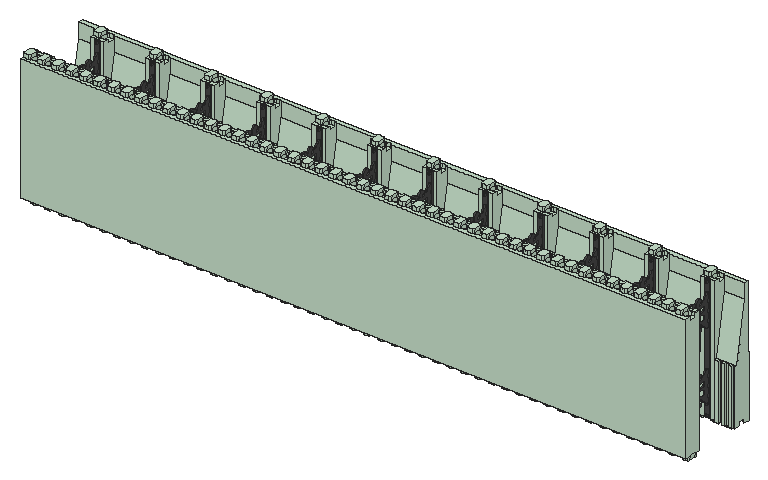
Revit family (continued)
Forms (mm)
  Extrusion 54, void
    sketch origin (1574.8, 0.019, 0) x (-1, 0, 0) y (0, -1, 0)
      loop
        arc (29.796, -130.453) -> (38.1, -131.763) -> (46.404, -130.453) r 26.987
        arc (46.404, -130.453) -> (49.585, -128.147) -> (50.8, -124.411) r 6.35
        line (50.8, -124.411) -> (50.8, -101.014)
        arc (50.8, -101.014) -> (50.362, -98.696) -> (49.108, -96.698) r 6.35
        arc (49.108, -96.698) -> (48.795, -96.199) -> (48.685, -95.62) r 1.588
        line (48.685, -95.62) -> (48.685, -86.829) -> (44.346, -86.829) -> (44.346, -92.457)
        arc (44.346, -92.457) -> (43.786, -93.668) -> (42.5, -94.024) r 1.587
        arc (42.5, -94.024) -> (36.091, -93.737) -> (29.796, -94.972) r 26.988
        arc (29.796, -94.972) -> (26.615, -97.278) -> (25.4, -101.014) r 6.35
        line (25.4, -101.014) -> (25.4, -124.411)
    from 457.2 to 444.5
  Extrusion 55, void
    sketch origin (1371.6, 0.019, 0) x (-1, 0, 0) y (0, -1, 0)
      loop
        arc (25.4, -124.411) -> (26.615, -128.147) -> (29.796, -130.453) r 6.35
        arc (29.796, -130.453) -> (38.1, -131.763) -> (46.404, -130.453) r 26.987
        arc (46.404, -130.453) -> (49.585, -128.147) -> (50.8, -124.411) r 6.35
        line (50.8, -124.411) -> (50.8, -101.014)
        arc (50.8, -101.014) -> (50.362, -98.696) -> (49.108, -96.698) r 6.35
        arc (49.108, -96.698) -> (48.795, -96.199) -> (48.685, -95.62) r 1.588
        line (48.685, -95.62) -> (48.685, -86.829) -> (44.346, -86.829) -> (44.346, -92.457)
        arc (44.346, -92.457) -> (43.786, -93.668) -> (42.5, -94.024) r 1.587
        arc (42.5, -94.024) -> (36.091, -93.737) -> (29.796, -94.972) r 26.988
        arc (29.796, -94.972) -> (26.615, -97.278) -> (25.4, -101.014) r 6.35
        line (25.4, -101.014) -> (25.4, -124.411)
    from 457.2 to 444.5
  Extrusion 56, void
    sketch origin (1168.4, 0.019, 0) x (-1, 0, 0) y (0, -1, 0)
      loop
        arc (25.4, -124.411) -> (26.615, -128.147) -> (29.796, -130.453) r 6.35
        arc (29.796, -130.453) -> (38.1, -131.763) -> (46.404, -130.453) r 26.987
        arc (46.404, -130.453) -> (49.585, -128.147) -> (50.8, -124.411) r 6.35
        line (50.8, -124.411) -> (50.8, -101.014)
        arc (50.8, -101.014) -> (50.362, -98.696) -> (49.108, -96.698) r 6.35
        arc (49.108, -96.698) -> (48.795, -96.199) -> (48.685, -95.62) r 1.588
        line (48.685, -95.62) -> (48.685, -86.829) -> (44.346, -86.829) -> (44.346, -92.457)
        arc (44.346, -92.457) -> (43.786, -93.668) -> (42.5, -94.024) r 1.587
        arc (42.5, -94.024) -> (36.091, -93.737) -> (29.796, -94.972) r 26.988
        arc (29.796, -94.972) -> (26.615, -97.278) -> (25.4, -101.014) r 6.35
        line (25.4, -101.014) -> (25.4, -124.411)
    from 457.2 to 444.5
  Extrusion 57, void
    sketch origin (965.2, 0.019, 0) x (-1, 0, 0) y (0, -1, 0)
      loop
        arc (25.4, -124.411) -> (26.615, -128.147) -> (29.796, -130.453) r 6.35
        arc (29.796, -130.453) -> (38.1, -131.763) -> (46.404, -130.453) r 26.987
        arc (46.404, -130.453) -> (49.585, -128.147) -> (50.8, -124.411) r 6.35
        line (50.8, -124.411) -> (50.8, -101.014)
        arc (50.8, -101.014) -> (50.362, -98.696) -> (49.108, -96.698) r 6.35
        arc (49.108, -96.698) -> (48.795, -96.199) -> (48.685, -95.62) r 1.588
        line (48.685, -95.62) -> (48.685, -86.829) -> (44.346, -86.829) -> (44.346, -92.457)
        arc (44.346, -92.457) -> (43.786, -93.668) -> (42.5, -94.024) r 1.587
        arc (42.5, -94.024) -> (36.091, -93.737) -> (29.796, -94.972) r 26.988
        arc (29.796, -94.972) -> (26.615, -97.278) -> (25.4, -101.014) r 6.35
        line (25.4, -101.014) -> (25.4, -124.411)
    from 457.2 to 444.5
  Extrusion 58, void
    sketch origin (762, 0.019, 0) x (-1, 0, 0) y (0, -1, 0)
      loop
        arc (25.4, -124.411) -> (26.615, -128.147) -> (29.796, -130.453) r 6.35
        arc (29.796, -130.453) -> (38.1, -131.763) -> (46.404, -130.453) r 26.987
        arc (46.404, -130.453) -> (49.585, -128.147) -> (50.8, -124.411) r 6.35
        line (50.8, -124.411) -> (50.8, -101.014)
        arc (50.8, -101.014) -> (50.362, -98.696) -> (49.108, -96.698) r 6.35
        arc (49.108, -96.698) -> (48.795, -96.199) -> (48.685, -95.62) r 1.588
        line (48.685, -95.62) -> (48.685, -86.829) -> (44.346, -86.829) -> (44.346, -92.457)
        arc (44.346, -92.457) -> (43.786, -93.668) -> (42.5, -94.024) r 1.587
        arc (42.5, -94.024) -> (36.091, -93.737) -> (29.796, -94.972) r 26.988
        arc (29.796, -94.972) -> (26.615, -97.278) -> (25.4, -101.014) r 6.35
        line (25.4, -101.014) -> (25.4, -124.411)
    from 457.2 to 444.5
  Extrusion 59, void
    sketch origin (558.8, 0.019, 0) x (-1, 0, 0) y (0, -1, 0)
      loop
        arc (25.4, -124.411) -> (26.615, -128.147) -> (29.796, -130.453) r 6.35
        arc (29.796, -130.453) -> (38.1, -131.763) -> (46.404, -130.453) r 26.987
        arc (46.404, -130.453) -> (49.585, -128.147) -> (50.8, -124.411) r 6.35
        line (50.8, -124.411) -> (50.8, -101.014)
        arc (50.8, -101.014) -> (50.362, -98.696) -> (49.108, -96.698) r 6.35
        arc (49.108, -96.698) -> (48.795, -96.199) -> (48.685, -95.62) r 1.588
        line (48.685, -95.62) -> (48.685, -86.829) -> (44.346, -86.829) -> (44.346, -92.457)
        arc (44.346, -92.457) -> (43.786, -93.668) -> (42.5, -94.024) r 1.587
        arc (42.5, -94.024) -> (36.091, -93.737) -> (29.796, -94.972) r 26.988
        arc (29.796, -94.972) -> (26.615, -97.278) -> (25.4, -101.014) r 6.35
        line (25.4, -101.014) -> (25.4, -124.411)
    from 457.2 to 444.5
  Extrusion 60, void
    sketch origin (355.6, 0.019, 0) x (-1, 0, 0) y (0, -1, 0)
      loop
        arc (25.4, -124.411) -> (26.615, -128.147) -> (29.796, -130.453) r 6.35
        arc (29.796, -130.453) -> (38.1, -131.763) -> (46.404, -130.453) r 26.987
        arc (46.404, -130.453) -> (49.585, -128.147) -> (50.8, -124.411) r 6.35
        line (50.8, -124.411) -> (50.8, -101.014)
        arc (50.8, -101.014) -> (50.362, -98.696) -> (49.108, -96.698) r 6.35
        arc (49.108, -96.698) -> (48.795, -96.199) -> (48.685, -95.62) r 1.588
        line (48.685, -95.62) -> (48.685, -86.829) -> (44.346, -86.829) -> (44.346, -92.457)
        arc (44.346, -92.457) -> (43.786, -93.668) -> (42.5, -94.024) r 1.587
        arc (42.5, -94.024) -> (36.091, -93.737) -> (29.796, -94.972) r 26.988
        arc (29.796, -94.972) -> (26.615, -97.278) -> (25.4, -101.014) r 6.35
        line (25.4, -101.014) -> (25.4, -124.411)
    from 457.2 to 444.5
  Extrusion 61, void
    sketch origin (152.4, 0.019, 0) x (-1, 0, 0) y (0, -1, 0)
      loop
        arc (25.4, -124.411) -> (26.615, -128.147) -> (29.796, -130.453) r 6.35
        arc (29.796, -130.453) -> (38.1, -131.763) -> (46.404, -130.453) r 26.987
        arc (46.404, -130.453) -> (49.585, -128.147) -> (50.8, -124.411) r 6.35
        line (50.8, -124.411) -> (50.8, -101.014)
        arc (50.8, -101.014) -> (50.362, -98.696) -> (49.108, -96.698) r 6.35
        arc (49.108, -96.698) -> (48.795, -96.199) -> (48.685, -95.62) r 1.588
        line (48.685, -95.62) -> (48.685, -86.829) -> (44.346, -86.829) -> (44.346, -92.457)
        arc (44.346, -92.457) -> (43.786, -93.668) -> (42.5, -94.024) r 1.587
        arc (42.5, -94.024) -> (36.091, -93.737) -> (29.796, -94.972) r 26.988
        arc (29.796, -94.972) -> (26.615, -97.278) -> (25.4, -101.014) r 6.35
        line (25.4, -101.014) -> (25.4, -124.411)
    from 457.2 to 444.5
  Extrusion 62, void
    sketch origin (50.8, 0.019, 0) x (-1, 0, 0) y (0, -1, 0)
      loop
        line (25.4, 124.411) -> (25.4, 101.014)
        arc (25.4, 101.014) -> (26.615, 97.278) -> (29.796, 94.972) r 6.35
        arc (29.796, 94.972) -> (36.091, 93.737) -> (42.5, 94.024) r 26.988
        arc (42.5, 94.024) -> (43.786, 93.668) -> (44.346, 92.457) r 1.587
        line (44.346, 92.457) -> (44.346, 86.829) -> (48.685, 86.829) -> (48.685, 95.62)
        arc (48.685, 95.62) -> (48.795, 96.199) -> (49.108, 96.698) r 1.588
        arc (49.108, 96.698) -> (50.362, 98.696) -> (50.8, 101.014) r 6.35
        line (50.8, 101.014) -> (50.8, 124.411)
        arc (50.8, 124.411) -> (49.585, 128.147) -> (46.404, 130.453) r 6.35
        arc (46.404, 130.453) -> (38.1, 131.763) -> (29.796, 130.453) r 26.987
        arc (29.796, 130.453) -> (26.615, 128.147) -> (25.4, 124.411) r 6.35
    from 0 to 12.7
  Extrusion 63, void
    sketch origin (101.6, 0.019, 0) x (-1, 0, 0) y (0, -1, 0)
      loop
        line (25.4, 124.411) -> (25.4, 101.014)
        arc (25.4, 101.014) -> (26.615, 97.278) -> (29.796, 94.972) r 6.35
        arc (29.796, 94.972) -> (36.091, 93.737) -> (42.5, 94.024) r 26.988
        arc (42.5, 94.024) -> (43.786, 93.668) -> (44.346, 92.457) r 1.587
        line (44.346, 92.457) -> (44.346, 86.829) -> (48.685, 86.829) -> (48.685, 95.62)
        arc (48.685, 95.62) -> (48.795, 96.199) -> (49.108, 96.698) r 1.588
        arc (49.108, 96.698) -> (50.362, 98.696) -> (50.8, 101.014) r 6.35
        line (50.8, 101.014) -> (50.8, 124.411)
        arc (50.8, 124.411) -> (49.585, 128.147) -> (46.404, 130.453) r 6.35
        arc (46.404, 130.453) -> (38.1, 131.763) -> (29.796, 130.453) r 26.987
        arc (29.796, 130.453) -> (26.615, 128.147) -> (25.4, 124.411) r 6.35
    from 0 to 12.7
  Extrusion 64, void
    sketch origin (152.4, 0.019, 0) x (-1, 0, 0) y (0, -1, 0)
      loop
        line (25.4, 124.411) -> (25.4, 101.014)
        arc (25.4, 101.014) -> (26.615, 97.278) -> (29.796, 94.972) r 6.35
        arc (29.796, 94.972) -> (36.091, 93.737) -> (42.5, 94.024) r 26.988
        arc (42.5, 94.024) -> (43.786, 93.668) -> (44.346, 92.457) r 1.587
        line (44.346, 92.457) -> (44.346, 86.829) -> (48.685, 86.829) -> (48.685, 95.62)
        arc (48.685, 95.62) -> (48.795, 96.199) -> (49.108, 96.698) r 1.588
        arc (49.108, 96.698) -> (50.362, 98.696) -> (50.8, 101.014) r 6.35
        line (50.8, 101.014) -> (50.8, 124.411)
        arc (50.8, 124.411) -> (49.585, 128.147) -> (46.404, 130.453) r 6.35
        arc (46.404, 130.453) -> (38.1, 131.763) -> (29.796, 130.453) r 26.987
        arc (29.796, 130.453) -> (26.615, 128.147) -> (25.4, 124.411) r 6.35
    from 0 to 12.7
  Extrusion 65, void
    sketch origin (203.2, 0.019, 0) x (-1, 0, 0) y (0, -1, 0)
      loop
        line (25.4, 124.411) -> (25.4, 101.014)
        arc (25.4, 101.014) -> (26.615, 97.278) -> (29.796, 94.972) r 6.35
        arc (29.796, 94.972) -> (36.091, 93.737) -> (42.5, 94.024) r 26.988
        arc (42.5, 94.024) -> (43.786, 93.668) -> (44.346, 92.457) r 1.587
        line (44.346, 92.457) -> (44.346, 86.829) -> (48.685, 86.829) -> (48.685, 95.62)
        arc (48.685, 95.62) -> (48.795, 96.199) -> (49.108, 96.698) r 1.588
        arc (49.108, 96.698) -> (50.362, 98.696) -> (50.8, 101.014) r 6.35
        line (50.8, 101.014) -> (50.8, 124.411)
        arc (50.8, 124.411) -> (49.585, 128.147) -> (46.404, 130.453) r 6.35
        arc (46.404, 130.453) -> (38.1, 131.763) -> (29.796, 130.453) r 26.987
        arc (29.796, 130.453) -> (26.615, 128.147) -> (25.4, 124.411) r 6.35
    from 0 to 12.7
  Extrusion 66, void
    sketch origin (254, 0.019, 0) x (-1, 0, 0) y (0, -1, 0)
      loop
        line (25.4, 124.411) -> (25.4, 101.014)
        arc (25.4, 101.014) -> (26.615, 97.278) -> (29.796, 94.972) r 6.35
        arc (29.796, 94.972) -> (36.091, 93.737) -> (42.5, 94.024) r 26.988
        arc (42.5, 94.024) -> (43.786, 93.668) -> (44.346, 92.457) r 1.587
        line (44.346, 92.457) -> (44.346, 86.829) -> (48.685, 86.829) -> (48.685, 95.62)
        arc (48.685, 95.62) -> (48.795, 96.199) -> (49.108, 96.698) r 1.588
        arc (49.108, 96.698) -> (50.362, 98.696) -> (50.8, 101.014) r 6.35
        line (50.8, 101.014) -> (50.8, 124.411)
        arc (50.8, 124.411) -> (49.585, 128.147) -> (46.404, 130.453) r 6.35
        arc (46.404, 130.453) -> (38.1, 131.763) -> (29.796, 130.453) r 26.987
        arc (29.796, 130.453) -> (26.615, 128.147) -> (25.4, 124.411) r 6.35
    from 0 to 12.7
  Extrusion 67, void
    sketch origin (304.8, 0.019, 0) x (-1, 0, 0) y (0, -1, 0)
      loop
        line (25.4, 124.411) -> (25.4, 101.014)
        arc (25.4, 101.014) -> (26.615, 97.278) -> (29.796, 94.972) r 6.35
        arc (29.796, 94.972) -> (36.091, 93.737) -> (42.5, 94.024) r 26.988
        arc (42.5, 94.024) -> (43.786, 93.668) -> (44.346, 92.457) r 1.587
        line (44.346, 92.457) -> (44.346, 86.829) -> (48.685, 86.829) -> (48.685, 95.62)
        arc (48.685, 95.62) -> (48.795, 96.199) -> (49.108, 96.698) r 1.588
        arc (49.108, 96.698) -> (50.362, 98.696) -> (50.8, 101.014) r 6.35
        line (50.8, 101.014) -> (50.8, 124.411)
        arc (50.8, 124.411) -> (49.585, 128.147) -> (46.404, 130.453) r 6.35
        arc (46.404, 130.453) -> (38.1, 131.763) -> (29.796, 130.453) r 26.987
        arc (29.796, 130.453) -> (26.615, 128.147) -> (25.4, 124.411) r 6.35
    from 0 to 12.7
  Extrusion 68, void
    sketch origin (355.6, 0.019, 0) x (-1, 0, 0) y (0, -1, 0)
      loop
        line (25.4, 124.411) -> (25.4, 101.014)
        arc (25.4, 101.014) -> (26.615, 97.278) -> (29.796, 94.972) r 6.35
        arc (29.796, 94.972) -> (36.091, 93.737) -> (42.5, 94.024) r 26.988
        arc (42.5, 94.024) -> (43.786, 93.668) -> (44.346, 92.457) r 1.587
        line (44.346, 92.457) -> (44.346, 86.829) -> (48.685, 86.829) -> (48.685, 95.62)
        arc (48.685, 95.62) -> (48.795, 96.199) -> (49.108, 96.698) r 1.588
        arc (49.108, 96.698) -> (50.362, 98.696) -> (50.8, 101.014) r 6.35
        line (50.8, 101.014) -> (50.8, 124.411)
        arc (50.8, 124.411) -> (49.585, 128.147) -> (46.404, 130.453) r 6.35
        arc (46.404, 130.453) -> (38.1, 131.763) -> (29.796, 130.453) r 26.987
        arc (29.796, 130.453) -> (26.615, 128.147) -> (25.4, 124.411) r 6.35
    from 0 to 12.7
  Extrusion 69, void
    sketch origin (406.4, 0.019, 0) x (-1, 0, 0) y (0, -1, 0)
      loop
        line (25.4, 124.411) -> (25.4, 101.014)
        arc (25.4, 101.014) -> (26.615, 97.278) -> (29.796, 94.972) r 6.35
        arc (29.796, 94.972) -> (36.091, 93.737) -> (42.5, 94.024) r 26.988
        arc (42.5, 94.024) -> (43.786, 93.668) -> (44.346, 92.457) r 1.587
        line (44.346, 92.457) -> (44.346, 86.829) -> (48.685, 86.829) -> (48.685, 95.62)
        arc (48.685, 95.62) -> (48.795, 96.199) -> (49.108, 96.698) r 1.588
        arc (49.108, 96.698) -> (50.362, 98.696) -> (50.8, 101.014) r 6.35
        line (50.8, 101.014) -> (50.8, 124.411)
        arc (50.8, 124.411) -> (49.585, 128.147) -> (46.404, 130.453) r 6.35
        arc (46.404, 130.453) -> (38.1, 131.763) -> (29.796, 130.453) r 26.987
        arc (29.796, 130.453) -> (26.615, 128.147) -> (25.4, 124.411) r 6.35
    from 0 to 12.7
  Extrusion 70, void
    sketch origin (457.2, 0.019, 0) x (-1, 0, 0) y (0, -1, 0)
      loop
        line (25.4, 124.411) -> (25.4, 101.014)
        arc (25.4, 101.014) -> (26.615, 97.278) -> (29.796, 94.972) r 6.35
        arc (29.796, 94.972) -> (36.091, 93.737) -> (42.5, 94.024) r 26.988
        arc (42.5, 94.024) -> (43.786, 93.668) -> (44.346, 92.457) r 1.587
        line (44.346, 92.457) -> (44.346, 86.829) -> (48.685, 86.829) -> (48.685, 95.62)
        arc (48.685, 95.62) -> (48.795, 96.199) -> (49.108, 96.698) r 1.588
        arc (49.108, 96.698) -> (50.362, 98.696) -> (50.8, 101.014) r 6.35
        line (50.8, 101.014) -> (50.8, 124.411)
        arc (50.8, 124.411) -> (49.585, 128.147) -> (46.404, 130.453) r 6.35
        arc (46.404, 130.453) -> (38.1, 131.763) -> (29.796, 130.453) r 26.987
        arc (29.796, 130.453) -> (26.615, 128.147) -> (25.4, 124.411) r 6.35
    from 0 to 12.7
  Extrusion 71, void
    sketch origin (508, 0.019, 0) x (-1, 0, 0) y (0, -1, 0)
      loop
        line (25.4, 124.411) -> (25.4, 101.014)
        arc (25.4, 101.014) -> (26.615, 97.278) -> (29.796, 94.972) r 6.35
        arc (29.796, 94.972) -> (36.091, 93.737) -> (42.5, 94.024) r 26.988
        arc (42.5, 94.024) -> (43.786, 93.668) -> (44.346, 92.457) r 1.587
        line (44.346, 92.457) -> (44.346, 86.829) -> (48.685, 86.829) -> (48.685, 95.62)
        arc (48.685, 95.62) -> (48.795, 96.199) -> (49.108, 96.698) r 1.588
        arc (49.108, 96.698) -> (50.362, 98.696) -> (50.8, 101.014) r 6.35
        line (50.8, 101.014) -> (50.8, 124.411)
        arc (50.8, 124.411) -> (49.585, 128.147) -> (46.404, 130.453) r 6.35
        arc (46.404, 130.453) -> (38.1, 131.763) -> (29.796, 130.453) r 26.987
        arc (29.796, 130.453) -> (26.615, 128.147) -> (25.4, 124.411) r 6.35
    from 0 to 12.7
  Extrusion 72, void
    sketch origin (558.8, 0.019, 0) x (-1, 0, 0) y (0, -1, 0)
      loop
        line (25.4, 124.411) -> (25.4, 101.014)
        arc (25.4, 101.014) -> (26.615, 97.278) -> (29.796, 94.972) r 6.35
        arc (29.796, 94.972) -> (36.091, 93.737) -> (42.5, 94.024) r 26.988
        arc (42.5, 94.024) -> (43.786, 93.668) -> (44.346, 92.457) r 1.587
        line (44.346, 92.457) -> (44.346, 86.829) -> (48.685, 86.829) -> (48.685, 95.62)
        arc (48.685, 95.62) -> (48.795, 96.199) -> (49.108, 96.698) r 1.588
        arc (49.108, 96.698) -> (50.362, 98.696) -> (50.8, 101.014) r 6.35
        line (50.8, 101.014) -> (50.8, 124.411)
        arc (50.8, 124.411) -> (49.585, 128.147) -> (46.404, 130.453) r 6.35
        arc (46.404, 130.453) -> (38.1, 131.763) -> (29.796, 130.453) r 26.987
        arc (29.796, 130.453) -> (26.615, 128.147) -> (25.4, 124.411) r 6.35
    from 0 to 12.7
  Extrusion 73, void
    sketch origin (609.6, 0.019, 0) x (-1, 0, 0) y (0, -1, 0)
      loop
        line (25.4, 124.411) -> (25.4, 101.014)
        arc (25.4, 101.014) -> (26.615, 97.278) -> (29.796, 94.972) r 6.35
        arc (29.796, 94.972) -> (36.091, 93.737) -> (42.5, 94.024) r 26.988
        arc (42.5, 94.024) -> (43.786, 93.668) -> (44.346, 92.457) r 1.587
        line (44.346, 92.457) -> (44.346, 86.829) -> (48.685, 86.829) -> (48.685, 95.62)
        arc (48.685, 95.62) -> (48.795, 96.199) -> (49.108, 96.698) r 1.588
        arc (49.108, 96.698) -> (50.362, 98.696) -> (50.8, 101.014) r 6.35
        line (50.8, 101.014) -> (50.8, 124.411)
        arc (50.8, 124.411) -> (49.585, 128.147) -> (46.404, 130.453) r 6.35
        arc (46.404, 130.453) -> (38.1, 131.763) -> (29.796, 130.453) r 26.987
        arc (29.796, 130.453) -> (26.615, 128.147) -> (25.4, 124.411) r 6.35
    from 0 to 12.7
  Extrusion 74, void
    sketch origin (660.4, 0.019, 0) x (-1, 0, 0) y (0, -1, 0)
      loop
        line (25.4, 124.411) -> (25.4, 101.014)
        arc (25.4, 101.014) -> (26.615, 97.278) -> (29.796, 94.972) r 6.35
        arc (29.796, 94.972) -> (36.091, 93.737) -> (42.5, 94.024) r 26.988
        arc (42.5, 94.024) -> (43.786, 93.668) -> (44.346, 92.457) r 1.587
        line (44.346, 92.457) -> (44.346, 86.829) -> (48.685, 86.829) -> (48.685, 95.62)
        arc (48.685, 95.62) -> (48.795, 96.199) -> (49.108, 96.698) r 1.588
        arc (49.108, 96.698) -> (50.362, 98.696) -> (50.8, 101.014) r 6.35
        line (50.8, 101.014) -> (50.8, 124.411)
        arc (50.8, 124.411) -> (49.585, 128.147) -> (46.404, 130.453) r 6.35
        arc (46.404, 130.453) -> (38.1, 131.763) -> (29.796, 130.453) r 26.987
        arc (29.796, 130.453) -> (26.615, 128.147) -> (25.4, 124.411) r 6.35
    from 0 to 12.7
  Extrusion 75, void
    sketch origin (711.2, 0.019, 0) x (-1, 0, 0) y (0, -1, 0)
      loop
        line (25.4, 124.411) -> (25.4, 101.014)
        arc (25.4, 101.014) -> (26.615, 97.278) -> (29.796, 94.972) r 6.35
        arc (29.796, 94.972) -> (36.091, 93.737) -> (42.5, 94.024) r 26.988
        arc (42.5, 94.024) -> (43.786, 93.668) -> (44.346, 92.457) r 1.587
        line (44.346, 92.457) -> (44.346, 86.829) -> (48.685, 86.829) -> (48.685, 95.62)
        arc (48.685, 95.62) -> (48.795, 96.199) -> (49.108, 96.698) r 1.588
        arc (49.108, 96.698) -> (50.362, 98.696) -> (50.8, 101.014) r 6.35
        line (50.8, 101.014) -> (50.8, 124.411)
        arc (50.8, 124.411) -> (49.585, 128.147) -> (46.404, 130.453) r 6.35
        arc (46.404, 130.453) -> (38.1, 131.763) -> (29.796, 130.453) r 26.987
        arc (29.796, 130.453) -> (26.615, 128.147) -> (25.4, 124.411) r 6.35
    from 0 to 12.7
  Extrusion 76, void
    sketch origin (762, 0.019, 0) x (-1, 0, 0) y (0, -1, 0)
      loop
        line (25.4, 124.411) -> (25.4, 101.014)
        arc (25.4, 101.014) -> (26.615, 97.278) -> (29.796, 94.972) r 6.35
        arc (29.796, 94.972) -> (36.091, 93.737) -> (42.5, 94.024) r 26.988
        arc (42.5, 94.024) -> (43.786, 93.668) -> (44.346, 92.457) r 1.587
        line (44.346, 92.457) -> (44.346, 86.829) -> (48.685, 86.829) -> (48.685, 95.62)
        arc (48.685, 95.62) -> (48.795, 96.199) -> (49.108, 96.698) r 1.588
        arc (49.108, 96.698) -> (50.362, 98.696) -> (50.8, 101.014) r 6.35
        line (50.8, 101.014) -> (50.8, 124.411)
        arc (50.8, 124.411) -> (49.585, 128.147) -> (46.404, 130.453) r 6.35
        arc (46.404, 130.453) -> (38.1, 131.763) -> (29.796, 130.453) r 26.987
        arc (29.796, 130.453) -> (26.615, 128.147) -> (25.4, 124.411) r 6.35
    from 0 to 12.7
  Extrusion 77, void
    sketch origin (812.8, 0.019, 0) x (-1, 0, 0) y (0, -1, 0)
      loop
        line (25.4, 124.411) -> (25.4, 101.014)
        arc (25.4, 101.014) -> (26.615, 97.278) -> (29.796, 94.972) r 6.35
        arc (29.796, 94.972) -> (36.091, 93.737) -> (42.5, 94.024) r 26.988
        arc (42.5, 94.024) -> (43.786, 93.668) -> (44.346, 92.457) r 1.587
        line (44.346, 92.457) -> (44.346, 86.829) -> (48.685, 86.829) -> (48.685, 95.62)
        arc (48.685, 95.62) -> (48.795, 96.199) -> (49.108, 96.698) r 1.588
        arc (49.108, 96.698) -> (50.362, 98.696) -> (50.8, 101.014) r 6.35
        line (50.8, 101.014) -> (50.8, 124.411)
        arc (50.8, 124.411) -> (49.585, 128.147) -> (46.404, 130.453) r 6.35
        arc (46.404, 130.453) -> (38.1, 131.763) -> (29.796, 130.453) r 26.987
        arc (29.796, 130.453) -> (26.615, 128.147) -> (25.4, 124.411) r 6.35
    from 0 to 12.7
  Extrusion 78, void
    sketch origin (863.6, 0.019, 0) x (-1, 0, 0) y (0, -1, 0)
      loop
        line (25.4, 124.411) -> (25.4, 101.014)
        arc (25.4, 101.014) -> (26.615, 97.278) -> (29.796, 94.972) r 6.35
        arc (29.796, 94.972) -> (36.091, 93.737) -> (42.5, 94.024) r 26.988
        arc (42.5, 94.024) -> (43.786, 93.668) -> (44.346, 92.457) r 1.587
        line (44.346, 92.457) -> (44.346, 86.829) -> (48.685, 86.829) -> (48.685, 95.62)
        arc (48.685, 95.62) -> (48.795, 96.199) -> (49.108, 96.698) r 1.588
        arc (49.108, 96.698) -> (50.362, 98.696) -> (50.8, 101.014) r 6.35
        line (50.8, 101.014) -> (50.8, 124.411)
        arc (50.8, 124.411) -> (49.585, 128.147) -> (46.404, 130.453) r 6.35
        arc (46.404, 130.453) -> (38.1, 131.763) -> (29.796, 130.453) r 26.987
        arc (29.796, 130.453) -> (26.615, 128.147) -> (25.4, 124.411) r 6.35
    from 0 to 12.7
  Extrusion 79, void
    sketch origin (914.4, 0.019, 0) x (-1, 0, 0) y (0, -1, 0)
      loop
        line (25.4, 124.411) -> (25.4, 101.014)
        arc (25.4, 101.014) -> (26.615, 97.278) -> (29.796, 94.972) r 6.35
        arc (29.796, 94.972) -> (36.091, 93.737) -> (42.5, 94.024) r 26.988
        arc (42.5, 94.024) -> (43.786, 93.668) -> (44.346, 92.457) r 1.587
        line (44.346, 92.457) -> (44.346, 86.829) -> (48.685, 86.829) -> (48.685, 95.62)
        arc (48.685, 95.62) -> (48.795, 96.199) -> (49.108, 96.698) r 1.588
        arc (49.108, 96.698) -> (50.362, 98.696) -> (50.8, 101.014) r 6.35
        line (50.8, 101.014) -> (50.8, 124.411)
        arc (50.8, 124.411) -> (49.585, 128.147) -> (46.404, 130.453) r 6.35
        arc (46.404, 130.453) -> (38.1, 131.763) -> (29.796, 130.453) r 26.987
        arc (29.796, 130.453) -> (26.615, 128.147) -> (25.4, 124.411) r 6.35
    from 0 to 12.7
  Extrusion 80, void
    sketch origin (965.2, 0.019, 0) x (-1, 0, 0) y (0, -1, 0)
      loop
        line (25.4, 124.411) -> (25.4, 101.014)
        arc (25.4, 101.014) -> (26.615, 97.278) -> (29.796, 94.972) r 6.35
        arc (29.796, 94.972) -> (36.091, 93.737) -> (42.5, 94.024) r 26.988
        arc (42.5, 94.024) -> (43.786, 93.668) -> (44.346, 92.457) r 1.587
        line (44.346, 92.457) -> (44.346, 86.829) -> (48.685, 86.829) -> (48.685, 95.62)
        arc (48.685, 95.62) -> (48.795, 96.199) -> (49.108, 96.698) r 1.588
        arc (49.108, 96.698) -> (50.362, 98.696) -> (50.8, 101.014) r 6.35
        line (50.8, 101.014) -> (50.8, 124.411)
        arc (50.8, 124.411) -> (49.585, 128.147) -> (46.404, 130.453) r 6.35
        arc (46.404, 130.453) -> (38.1, 131.763) -> (29.796, 130.453) r 26.987
        arc (29.796, 130.453) -> (26.615, 128.147) -> (25.4, 124.411) r 6.35
    from 0 to 12.7
  Extrusion 81, void
    sketch origin (1016, 0.019, 0) x (-1, 0, 0) y (0, -1, 0)
      loop
        line (25.4, 124.411) -> (25.4, 101.014)
        arc (25.4, 101.014) -> (26.615, 97.278) -> (29.796, 94.972) r 6.35
        arc (29.796, 94.972) -> (36.091, 93.737) -> (42.5, 94.024) r 26.988
        arc (42.5, 94.024) -> (43.786, 93.668) -> (44.346, 92.457) r 1.587
        line (44.346, 92.457) -> (44.346, 86.829) -> (48.685, 86.829) -> (48.685, 95.62)
        arc (48.685, 95.62) -> (48.795, 96.199) -> (49.108, 96.698) r 1.588
        arc (49.108, 96.698) -> (50.362, 98.696) -> (50.8, 101.014) r 6.35
        line (50.8, 101.014) -> (50.8, 124.411)
        arc (50.8, 124.411) -> (49.585, 128.147) -> (46.404, 130.453) r 6.35
        arc (46.404, 130.453) -> (38.1, 131.763) -> (29.796, 130.453) r 26.987
        arc (29.796, 130.453) -> (26.615, 128.147) -> (25.4, 124.411) r 6.35
    from 0 to 12.7
  Extrusion 82, void
    sketch origin (1066.8, 0.019, 0) x (-1, 0, 0) y (0, -1, 0)
      loop
        line (25.4, 124.411) -> (25.4, 101.014)
        arc (25.4, 101.014) -> (26.615, 97.278) -> (29.796, 94.972) r 6.35
        arc (29.796, 94.972) -> (36.091, 93.737) -> (42.5, 94.024) r 26.988
        arc (42.5, 94.024) -> (43.786, 93.668) -> (44.346, 92.457) r 1.587
        line (44.346, 92.457) -> (44.346, 86.829) -> (48.685, 86.829) -> (48.685, 95.62)
        arc (48.685, 95.62) -> (48.795, 96.199) -> (49.108, 96.698) r 1.588
        arc (49.108, 96.698) -> (50.362, 98.696) -> (50.8, 101.014) r 6.35
        line (50.8, 101.014) -> (50.8, 124.411)
        arc (50.8, 124.411) -> (49.585, 128.147) -> (46.404, 130.453) r 6.35
        arc (46.404, 130.453) -> (38.1, 131.763) -> (29.796, 130.453) r 26.987
        arc (29.796, 130.453) -> (26.615, 128.147) -> (25.4, 124.411) r 6.35
    from 0 to 12.7
  Extrusion 83, void
    sketch origin (1117.6, 0.019, 0) x (-1, 0, 0) y (0, -1, 0)
      loop
        line (25.4, 124.411) -> (25.4, 101.014)
        arc (25.4, 101.014) -> (26.615, 97.278) -> (29.796, 94.972) r 6.35
        arc (29.796, 94.972) -> (36.091, 93.737) -> (42.5, 94.024) r 26.988
        arc (42.5, 94.024) -> (43.786, 93.668) -> (44.346, 92.457) r 1.587
        line (44.346, 92.457) -> (44.346, 86.829) -> (48.685, 86.829) -> (48.685, 95.62)
        arc (48.685, 95.62) -> (48.795, 96.199) -> (49.108, 96.698) r 1.588
        arc (49.108, 96.698) -> (50.362, 98.696) -> (50.8, 101.014) r 6.35
        line (50.8, 101.014) -> (50.8, 124.411)
        arc (50.8, 124.411) -> (49.585, 128.147) -> (46.404, 130.453) r 6.35
        arc (46.404, 130.453) -> (38.1, 131.763) -> (29.796, 130.453) r 26.987
        arc (29.796, 130.453) -> (26.615, 128.147) -> (25.4, 124.411) r 6.35
    from 0 to 12.7
  Extrusion 84, void
    sketch origin (1168.4, 0.019, 0) x (-1, 0, 0) y (0, -1, 0)
      loop
        line (25.4, 124.411) -> (25.4, 101.014)
        arc (25.4, 101.014) -> (26.615, 97.278) -> (29.796, 94.972) r 6.35
        arc (29.796, 94.972) -> (36.091, 93.737) -> (42.5, 94.024) r 26.988
        arc (42.5, 94.024) -> (43.786, 93.668) -> (44.346, 92.457) r 1.587
        line (44.346, 92.457) -> (44.346, 86.829) -> (48.685, 86.829) -> (48.685, 95.62)
        arc (48.685, 95.62) -> (48.795, 96.199) -> (49.108, 96.698) r 1.588
        arc (49.108, 96.698) -> (50.362, 98.696) -> (50.8, 101.014) r 6.35
        line (50.8, 101.014) -> (50.8, 124.411)
        arc (50.8, 124.411) -> (49.585, 128.147) -> (46.404, 130.453) r 6.35
        arc (46.404, 130.453) -> (38.1, 131.763) -> (29.796, 130.453) r 26.987
        arc (29.796, 130.453) -> (26.615, 128.147) -> (25.4, 124.411) r 6.35
    from 0 to 12.7
  Extrusion 85, void
    sketch origin (1219.2, 0.019, 0) x (-1, 0, 0) y (0, -1, 0)
      loop
        line (25.4, 124.411) -> (25.4, 101.014)
        arc (25.4, 101.014) -> (26.615, 97.278) -> (29.796, 94.972) r 6.35
        arc (29.796, 94.972) -> (36.091, 93.737) -> (42.5, 94.024) r 26.988
        arc (42.5, 94.024) -> (43.786, 93.668) -> (44.346, 92.457) r 1.587
        line (44.346, 92.457) -> (44.346, 86.829) -> (48.685, 86.829) -> (48.685, 95.62)
        arc (48.685, 95.62) -> (48.795, 96.199) -> (49.108, 96.698) r 1.588
        arc (49.108, 96.698) -> (50.362, 98.696) -> (50.8, 101.014) r 6.35
        line (50.8, 101.014) -> (50.8, 124.411)
        arc (50.8, 124.411) -> (49.585, 128.147) -> (46.404, 130.453) r 6.35
        arc (46.404, 130.453) -> (38.1, 131.763) -> (29.796, 130.453) r 26.987
        arc (29.796, 130.453) -> (26.615, 128.147) -> (25.4, 124.411) r 6.35
    from 0 to 12.7
  Extrusion 86, void
    sketch origin (1270, 0.019, 0) x (-1, 0, 0) y (0, -1, 0)
      loop
        line (25.4, 124.411) -> (25.4, 101.014)
        arc (25.4, 101.014) -> (26.615, 97.278) -> (29.796, 94.972) r 6.35
        arc (29.796, 94.972) -> (36.091, 93.737) -> (42.5, 94.024) r 26.988
        arc (42.5, 94.024) -> (43.786, 93.668) -> (44.346, 92.457) r 1.587
        line (44.346, 92.457) -> (44.346, 86.829) -> (48.685, 86.829) -> (48.685, 95.62)
        arc (48.685, 95.62) -> (48.795, 96.199) -> (49.108, 96.698) r 1.588
        arc (49.108, 96.698) -> (50.362, 98.696) -> (50.8, 101.014) r 6.35
        line (50.8, 101.014) -> (50.8, 124.411)
        arc (50.8, 124.411) -> (49.585, 128.147) -> (46.404, 130.453) r 6.35
        arc (46.404, 130.453) -> (38.1, 131.763) -> (29.796, 130.453) r 26.987
        arc (29.796, 130.453) -> (26.615, 128.147) -> (25.4, 124.411) r 6.35
    from 0 to 12.7
  Extrusion 87, void
    sketch origin (1320.8, 0.019, 0) x (-1, 0, 0) y (0, -1, 0)
      loop
        line (25.4, 124.411) -> (25.4, 101.014)
        arc (25.4, 101.014) -> (26.615, 97.278) -> (29.796, 94.972) r 6.35
        arc (29.796, 94.972) -> (36.091, 93.737) -> (42.5, 94.024) r 26.988
        arc (42.5, 94.024) -> (43.786, 93.668) -> (44.346, 92.457) r 1.587
        line (44.346, 92.457) -> (44.346, 86.829) -> (48.685, 86.829) -> (48.685, 95.62)
        arc (48.685, 95.62) -> (48.795, 96.199) -> (49.108, 96.698) r 1.588
        arc (49.108, 96.698) -> (50.362, 98.696) -> (50.8, 101.014) r 6.35
        line (50.8, 101.014) -> (50.8, 124.411)
        arc (50.8, 124.411) -> (49.585, 128.147) -> (46.404, 130.453) r 6.35
        arc (46.404, 130.453) -> (38.1, 131.763) -> (29.796, 130.453) r 26.987
        arc (29.796, 130.453) -> (26.615, 128.147) -> (25.4, 124.411) r 6.35
    from 0 to 12.7
  Extrusion 88, void
    sketch origin (1371.6, 0.019, 0) x (-1, 0, 0) y (0, -1, 0)
      loop
        line (25.4, 124.411) -> (25.4, 101.014)
        arc (25.4, 101.014) -> (26.615, 97.278) -> (29.796, 94.972) r 6.35
        arc (29.796, 94.972) -> (36.091, 93.737) -> (42.5, 94.024) r 26.988
        arc (42.5, 94.024) -> (43.786, 93.668) -> (44.346, 92.457) r 1.587
        line (44.346, 92.457) -> (44.346, 86.829) -> (48.685, 86.829) -> (48.685, 95.62)
        arc (48.685, 95.62) -> (48.795, 96.199) -> (49.108, 96.698) r 1.588
        arc (49.108, 96.698) -> (50.362, 98.696) -> (50.8, 101.014) r 6.35
        line (50.8, 101.014) -> (50.8, 124.411)
        arc (50.8, 124.411) -> (49.585, 128.147) -> (46.404, 130.453) r 6.35
        arc (46.404, 130.453) -> (38.1, 131.763) -> (29.796, 130.453) r 26.987
        arc (29.796, 130.453) -> (26.615, 128.147) -> (25.4, 124.411) r 6.35
    from 0 to 12.7
  Extrusion 89, void
    sketch origin (1422.4, 0.019, 0) x (-1, 0, 0) y (0, -1, 0)
      loop
        line (25.4, 124.411) -> (25.4, 101.014)
        arc (25.4, 101.014) -> (26.615, 97.278) -> (29.796, 94.972) r 6.35
        arc (29.796, 94.972) -> (36.091, 93.737) -> (42.5, 94.024) r 26.988
        arc (42.5, 94.024) -> (43.786, 93.668) -> (44.346, 92.457) r 1.587
        line (44.346, 92.457) -> (44.346, 86.829) -> (48.685, 86.829) -> (48.685, 95.62)
        arc (48.685, 95.62) -> (48.795, 96.199) -> (49.108, 96.698) r 1.588
        arc (49.108, 96.698) -> (50.362, 98.696) -> (50.8, 101.014) r 6.35
        line (50.8, 101.014) -> (50.8, 124.411)
        arc (50.8, 124.411) -> (49.585, 128.147) -> (46.404, 130.453) r 6.35
        arc (46.404, 130.453) -> (38.1, 131.763) -> (29.796, 130.453) r 26.987
        arc (29.796, 130.453) -> (26.615, 128.147) -> (25.4, 124.411) r 6.35
    from 0 to 12.7
  Extrusion 90, void
    sketch origin (1473.2, 0.019, 0) x (-1, 0, 0) y (0, -1, 0)
      loop
        line (25.4, 124.411) -> (25.4, 101.014)
        arc (25.4, 101.014) -> (26.615, 97.278) -> (29.796, 94.972) r 6.35
        arc (29.796, 94.972) -> (36.091, 93.737) -> (42.5, 94.024) r 26.988
        arc (42.5, 94.024) -> (43.786, 93.668) -> (44.346, 92.457) r 1.587
        line (44.346, 92.457) -> (44.346, 86.829) -> (48.685, 86.829) -> (48.685, 95.62)
        arc (48.685, 95.62) -> (48.795, 96.199) -> (49.108, 96.698) r 1.588
        arc (49.108, 96.698) -> (50.362, 98.696) -> (50.8, 101.014) r 6.35
        line (50.8, 101.014) -> (50.8, 124.411)
        arc (50.8, 124.411) -> (49.585, 128.147) -> (46.404, 130.453) r 6.35
        arc (46.404, 130.453) -> (38.1, 131.763) -> (29.796, 130.453) r 26.987
        arc (29.796, 130.453) -> (26.615, 128.147) -> (25.4, 124.411) r 6.35
    from 0 to 12.7
  Extrusion 91, void
    sketch origin (1524, 0.019, 0) x (-1, 0, 0) y (0, -1, 0)
      loop
        line (25.4, 124.411) -> (25.4, 101.014)
        arc (25.4, 101.014) -> (26.615, 97.278) -> (29.796, 94.972) r 6.35
        arc (29.796, 94.972) -> (36.091, 93.737) -> (42.5, 94.024) r 26.988
        arc (42.5, 94.024) -> (43.786, 93.668) -> (44.346, 92.457) r 1.587
        line (44.346, 92.457) -> (44.346, 86.829) -> (48.685, 86.829) -> (48.685, 95.62)
        arc (48.685, 95.62) -> (48.795, 96.199) -> (49.108, 96.698) r 1.588
        arc (49.108, 96.698) -> (50.362, 98.696) -> (50.8, 101.014) r 6.35
        line (50.8, 101.014) -> (50.8, 124.411)
        arc (50.8, 124.411) -> (49.585, 128.147) -> (46.404, 130.453) r 6.35
        arc (46.404, 130.453) -> (38.1, 131.763) -> (29.796, 130.453) r 26.987
        arc (29.796, 130.453) -> (26.615, 128.147) -> (25.4, 124.411) r 6.35
    from 0 to 12.7
  Extrusion 92, void
    sketch origin (1574.8, 0.019, 0) x (-1, 0, 0) y (0, -1, 0)
      loop
        line (25.4, 124.411) -> (25.4, 101.014)
        arc (25.4, 101.014) -> (26.615, 97.278) -> (29.796, 94.972) r 6.35
        arc (29.796, 94.972) -> (36.091, 93.737) -> (42.5, 94.024) r 26.988
        arc (42.5, 94.024) -> (43.786, 93.668) -> (44.346, 92.457) r 1.587
        line (44.346, 92.457) -> (44.346, 86.829) -> (48.685, 86.829) -> (48.685, 95.62)
        arc (48.685, 95.62) -> (48.795, 96.199) -> (49.108, 96.698) r 1.588
        arc (49.108, 96.698) -> (50.362, 98.696) -> (50.8, 101.014) r 6.35
        line (50.8, 101.014) -> (50.8, 124.411)
        arc (50.8, 124.411) -> (49.585, 128.147) -> (46.404, 130.453) r 6.35
        arc (46.404, 130.453) -> (38.1, 131.763) -> (29.796, 130.453) r 26.987
        arc (29.796, 130.453) -> (26.615, 128.147) -> (25.4, 124.411) r 6.35
    from 0 to 12.7
  Extrusion 93, void
    sketch origin (1625.6, 0.019, 0) x (-1, 0, 0) y (0, -1, 0)
      loop
        line (25.4, 124.411) -> (25.4, 101.014)
        arc (25.4, 101.014) -> (26.615, 97.278) -> (29.796, 94.972) r 6.35
        arc (29.796, 94.972) -> (36.091, 93.737) -> (42.5, 94.024) r 26.988
        arc (42.5, 94.024) -> (43.786, 93.668) -> (44.346, 92.457) r 1.587
        line (44.346, 92.457) -> (44.346, 86.829) -> (48.685, 86.829) -> (48.685, 95.62)
        arc (48.685, 95.62) -> (48.795, 96.199) -> (49.108, 96.698) r 1.588
        arc (49.108, 96.698) -> (50.362, 98.696) -> (50.8, 101.014) r 6.35
        line (50.8, 101.014) -> (50.8, 124.411)
        arc (50.8, 124.411) -> (49.585, 128.147) -> (46.404, 130.453) r 6.35
        arc (46.404, 130.453) -> (38.1, 131.763) -> (29.796, 130.453) r 26.987
        arc (29.796, 130.453) -> (26.615, 128.147) -> (25.4, 124.411) r 6.35
    from 0 to 12.7
  Extrusion 94, void
    sketch origin (1676.4, 0.019, 0) x (-1, 0, 0) y (0, -1, 0)
      loop
        line (25.4, 124.411) -> (25.4, 101.014)
        arc (25.4, 101.014) -> (26.615, 97.278) -> (29.796, 94.972) r 6.35
        arc (29.796, 94.972) -> (36.091, 93.737) -> (42.5, 94.024) r 26.988
        arc (42.5, 94.024) -> (43.786, 93.668) -> (44.346, 92.457) r 1.587
        line (44.346, 92.457) -> (44.346, 86.829) -> (48.685, 86.829) -> (48.685, 95.62)
        arc (48.685, 95.62) -> (48.795, 96.199) -> (49.108, 96.698) r 1.588
        arc (49.108, 96.698) -> (50.362, 98.696) -> (50.8, 101.014) r 6.35
        line (50.8, 101.014) -> (50.8, 124.411)
        arc (50.8, 124.411) -> (49.585, 128.147) -> (46.404, 130.453) r 6.35
        arc (46.404, 130.453) -> (38.1, 131.763) -> (29.796, 130.453) r 26.987
        arc (29.796, 130.453) -> (26.615, 128.147) -> (25.4, 124.411) r 6.35
    from 0 to 12.7
  Extrusion 95, void
    sketch origin (1727.2, 0.019, 0) x (-1, 0, 0) y (0, -1, 0)
      loop
        line (25.4, 124.411) -> (25.4, 101.014)
        arc (25.4, 101.014) -> (26.615, 97.278) -> (29.796, 94.972) r 6.35
        arc (29.796, 94.972) -> (36.091, 93.737) -> (42.5, 94.024) r 26.988
        arc (42.5, 94.024) -> (43.786, 93.668) -> (44.346, 92.457) r 1.587
        line (44.346, 92.457) -> (44.346, 86.829) -> (48.685, 86.829) -> (48.685, 95.62)
        arc (48.685, 95.62) -> (48.795, 96.199) -> (49.108, 96.698) r 1.588
        arc (49.108, 96.698) -> (50.362, 98.696) -> (50.8, 101.014) r 6.35
        line (50.8, 101.014) -> (50.8, 124.411)
        arc (50.8, 124.411) -> (49.585, 128.147) -> (46.404, 130.453) r 6.35
        arc (46.404, 130.453) -> (38.1, 131.763) -> (29.796, 130.453) r 26.987
        arc (29.796, 130.453) -> (26.615, 128.147) -> (25.4, 124.411) r 6.35
    from 0 to 12.7
  Extrusion 96, void
    sketch origin (1778, 0.019, 0) x (-1, 0, 0) y (0, -1, 0)
      loop
        line (25.4, 124.411) -> (25.4, 101.014)
        arc (25.4, 101.014) -> (26.615, 97.278) -> (29.796, 94.972) r 6.35
        arc (29.796, 94.972) -> (36.091, 93.737) -> (42.5, 94.024) r 26.988
        arc (42.5, 94.024) -> (43.786, 93.668) -> (44.346, 92.457) r 1.587
        line (44.346, 92.457) -> (44.346, 86.829) -> (48.685, 86.829) -> (48.685, 95.62)
        arc (48.685, 95.62) -> (48.795, 96.199) -> (49.108, 96.698) r 1.588
        arc (49.108, 96.698) -> (50.362, 98.696) -> (50.8, 101.014) r 6.35
        line (50.8, 101.014) -> (50.8, 124.411)
        arc (50.8, 124.411) -> (49.585, 128.147) -> (46.404, 130.453) r 6.35
        arc (46.404, 130.453) -> (38.1, 131.763) -> (29.796, 130.453) r 26.987
        arc (29.796, 130.453) -> (26.615, 128.147) -> (25.4, 124.411) r 6.35
    from 0 to 12.7
  Extrusion 97, void
    sketch origin (1828.8, 0.019, 0) x (-1, 0, 0) y (0, -1, 0)
      loop
        line (25.4, 124.411) -> (25.4, 101.014)
        arc (25.4, 101.014) -> (26.615, 97.278) -> (29.796, 94.972) r 6.35
        arc (29.796, 94.972) -> (36.091, 93.737) -> (42.5, 94.024) r 26.988
        arc (42.5, 94.024) -> (43.786, 93.668) -> (44.346, 92.457) r 1.587
        line (44.346, 92.457) -> (44.346, 86.829) -> (48.685, 86.829) -> (48.685, 95.62)
        arc (48.685, 95.62) -> (48.795, 96.199) -> (49.108, 96.698) r 1.588
        arc (49.108, 96.698) -> (50.362, 98.696) -> (50.8, 101.014) r 6.35
        line (50.8, 101.014) -> (50.8, 124.411)
        arc (50.8, 124.411) -> (49.585, 128.147) -> (46.404, 130.453) r 6.35
        arc (46.404, 130.453) -> (38.1, 131.763) -> (29.796, 130.453) r 26.987
        arc (29.796, 130.453) -> (26.615, 128.147) -> (25.4, 124.411) r 6.35
    from 0 to 12.7
  Extrusion 98, void
    sketch origin (1879.6, 0.019, 0) x (-1, 0, 0) y (0, -1, 0)
      loop
        line (25.4, 124.411) -> (25.4, 101.014)
        arc (25.4, 101.014) -> (26.615, 97.278) -> (29.796, 94.972) r 6.35
        arc (29.796, 94.972) -> (36.091, 93.737) -> (42.5, 94.024) r 26.988
        arc (42.5, 94.024) -> (43.786, 93.668) -> (44.346, 92.457) r 1.587
        line (44.346, 92.457) -> (44.346, 86.829) -> (48.685, 86.829) -> (48.685, 95.62)
        arc (48.685, 95.62) -> (48.795, 96.199) -> (49.108, 96.698) r 1.588
        arc (49.108, 96.698) -> (50.362, 98.696) -> (50.8, 101.014) r 6.35
        line (50.8, 101.014) -> (50.8, 124.411)
        arc (50.8, 124.411) -> (49.585, 128.147) -> (46.404, 130.453) r 6.35
        arc (46.404, 130.453) -> (38.1, 131.763) -> (29.796, 130.453) r 26.987
        arc (29.796, 130.453) -> (26.615, 128.147) -> (25.4, 124.411) r 6.35
    from 0 to 12.7
  Extrusion 99, void
    sketch origin (1930.4, 0.019, 0) x (-1, 0, 0) y (0, -1, 0)
      loop
        line (25.4, 124.411) -> (25.4, 101.014)
        arc (25.4, 101.014) -> (26.615, 97.278) -> (29.796, 94.972) r 6.35
        arc (29.796, 94.972) -> (36.091, 93.737) -> (42.5, 94.024) r 26.988
        arc (42.5, 94.024) -> (43.786, 93.668) -> (44.346, 92.457) r 1.587
        line (44.346, 92.457) -> (44.346, 86.829) -> (48.685, 86.829) -> (48.685, 95.62)
        arc (48.685, 95.62) -> (48.795, 96.199) -> (49.108, 96.698) r 1.588
        arc (49.108, 96.698) -> (50.362, 98.696) -> (50.8, 101.014) r 6.35
        line (50.8, 101.014) -> (50.8, 124.411)
        arc (50.8, 124.411) -> (49.585, 128.147) -> (46.404, 130.453) r 6.35
        arc (46.404, 130.453) -> (38.1, 131.763) -> (29.796, 130.453) r 26.987
        arc (29.796, 130.453) -> (26.615, 128.147) -> (25.4, 124.411) r 6.35
    from 0 to 12.7
  Extrusion 100, void
    sketch origin (1981.2, 0.019, 0) x (-1, 0, 0) y (0, -1, 0)
      loop
        line (25.4, 124.411) -> (25.4, 101.014)
        arc (25.4, 101.014) -> (26.615, 97.278) -> (29.796, 94.972) r 6.35
        arc (29.796, 94.972) -> (36.091, 93.737) -> (42.5, 94.024) r 26.988
        arc (42.5, 94.024) -> (43.786, 93.668) -> (44.346, 92.457) r 1.587
        line (44.346, 92.457) -> (44.346, 86.829) -> (48.685, 86.829) -> (48.685, 95.62)
        arc (48.685, 95.62) -> (48.795, 96.199) -> (49.108, 96.698) r 1.588
        arc (49.108, 96.698) -> (50.362, 98.696) -> (50.8, 101.014) r 6.35
        line (50.8, 101.014) -> (50.8, 124.411)
        arc (50.8, 124.411) -> (49.585, 128.147) -> (46.404, 130.453) r 6.35
        arc (46.404, 130.453) -> (38.1, 131.763) -> (29.796, 130.453) r 26.987
        arc (29.796, 130.453) -> (26.615, 128.147) -> (25.4, 124.411) r 6.35
    from 0 to 12.7
  Extrusion 101, void
    sketch origin (2032, 0.019, 0) x (-1, 0, 0) y (0, -1, 0)
      loop
        line (25.4, 124.411) -> (25.4, 101.014)
        arc (25.4, 101.014) -> (26.615, 97.278) -> (29.796, 94.972) r 6.35
        arc (29.796, 94.972) -> (36.091, 93.737) -> (42.5, 94.024) r 26.988
        arc (42.5, 94.024) -> (43.786, 93.668) -> (44.346, 92.457) r 1.587
        line (44.346, 92.457) -> (44.346, 86.829) -> (48.685, 86.829) -> (48.685, 95.62)
        arc (48.685, 95.62) -> (48.795, 96.199) -> (49.108, 96.698) r 1.588
        arc (49.108, 96.698) -> (50.362, 98.696) -> (50.8, 101.014) r 6.35
        line (50.8, 101.014) -> (50.8, 124.411)
        arc (50.8, 124.411) -> (49.585, 128.147) -> (46.404, 130.453) r 6.35
        arc (46.404, 130.453) -> (38.1, 131.763) -> (29.796, 130.453) r 26.987
        arc (29.796, 130.453) -> (26.615, 128.147) -> (25.4, 124.411) r 6.35
    from 0 to 12.7
  Extrusion 102, void
    sketch origin (2082.8, 0.019, 0) x (-1, 0, 0) y (0, -1, 0)
      loop
        line (25.4, 124.411) -> (25.4, 101.014)
        arc (25.4, 101.014) -> (26.615, 97.278) -> (29.796, 94.972) r 6.35
        arc (29.796, 94.972) -> (36.091, 93.737) -> (42.5, 94.024) r 26.988
        arc (42.5, 94.024) -> (43.786, 93.668) -> (44.346, 92.457) r 1.587
        line (44.346, 92.457) -> (44.346, 86.829) -> (48.685, 86.829) -> (48.685, 95.62)
        arc (48.685, 95.62) -> (48.795, 96.199) -> (49.108, 96.698) r 1.588
        arc (49.108, 96.698) -> (50.362, 98.696) -> (50.8, 101.014) r 6.35
        line (50.8, 101.014) -> (50.8, 124.411)
        arc (50.8, 124.411) -> (49.585, 128.147) -> (46.404, 130.453) r 6.35
        arc (46.404, 130.453) -> (38.1, 131.763) -> (29.796, 130.453) r 26.987
        arc (29.796, 130.453) -> (26.615, 128.147) -> (25.4, 124.411) r 6.35
    from 0 to 12.7
  Extrusion 103, void
    sketch origin (2133.6, 0.019, 0) x (-1, 0, 0) y (0, -1, 0)
      loop
        line (25.4, 124.411) -> (25.4, 101.014)
        arc (25.4, 101.014) -> (26.615, 97.278) -> (29.796, 94.972) r 6.35
        arc (29.796, 94.972) -> (36.091, 93.737) -> (42.5, 94.024) r 26.988
        arc (42.5, 94.024) -> (43.786, 93.668) -> (44.346, 92.457) r 1.587
        line (44.346, 92.457) -> (44.346, 86.829) -> (48.685, 86.829) -> (48.685, 95.62)
        arc (48.685, 95.62) -> (48.795, 96.199) -> (49.108, 96.698) r 1.588
        arc (49.108, 96.698) -> (50.362, 98.696) -> (50.8, 101.014) r 6.35
        line (50.8, 101.014) -> (50.8, 124.411)
        arc (50.8, 124.411) -> (49.585, 128.147) -> (46.404, 130.453) r 6.35
        arc (46.404, 130.453) -> (38.1, 131.763) -> (29.796, 130.453) r 26.987
        arc (29.796, 130.453) -> (26.615, 128.147) -> (25.4, 124.411) r 6.35
    from 0 to 12.7
  Extrusion 104, void
    sketch origin (2184.4, 0.019, 0) x (-1, 0, 0) y (0, -1, 0)
      loop
        line (25.4, 124.411) -> (25.4, 101.014)
        arc (25.4, 101.014) -> (26.615, 97.278) -> (29.796, 94.972) r 6.35
        arc (29.796, 94.972) -> (36.091, 93.737) -> (42.5, 94.024) r 26.988
        arc (42.5, 94.024) -> (43.786, 93.668) -> (44.346, 92.457) r 1.587
        line (44.346, 92.457) -> (44.346, 86.829) -> (48.685, 86.829) -> (48.685, 95.62)
        arc (48.685, 95.62) -> (48.795, 96.199) -> (49.108, 96.698) r 1.588
        arc (49.108, 96.698) -> (50.362, 98.696) -> (50.8, 101.014) r 6.35
        line (50.8, 101.014) -> (50.8, 124.411)
        arc (50.8, 124.411) -> (49.585, 128.147) -> (46.404, 130.453) r 6.35
        arc (46.404, 130.453) -> (38.1, 131.763) -> (29.796, 130.453) r 26.987
        arc (29.796, 130.453) -> (26.615, 128.147) -> (25.4, 124.411) r 6.35
    from 0 to 12.7
  Extrusion 105, void
    sketch origin (2235.2, 0.019, 0) x (-1, 0, 0) y (0, -1, 0)
      loop
        line (25.4, 124.411) -> (25.4, 101.014)
        arc (25.4, 101.014) -> (26.615, 97.278) -> (29.796, 94.972) r 6.35
        arc (29.796, 94.972) -> (36.091, 93.737) -> (42.5, 94.024) r 26.988
        arc (42.5, 94.024) -> (43.786, 93.668) -> (44.346, 92.457) r 1.587
        line (44.346, 92.457) -> (44.346, 86.829) -> (48.685, 86.829) -> (48.685, 95.62)
        arc (48.685, 95.62) -> (48.795, 96.199) -> (49.108, 96.698) r 1.588
        arc (49.108, 96.698) -> (50.362, 98.696) -> (50.8, 101.014) r 6.35
        line (50.8, 101.014) -> (50.8, 124.411)
        arc (50.8, 124.411) -> (49.585, 128.147) -> (46.404, 130.453) r 6.35
        arc (46.404, 130.453) -> (38.1, 131.763) -> (29.796, 130.453) r 26.987
        arc (29.796, 130.453) -> (26.615, 128.147) -> (25.4, 124.411) r 6.35
    from 0 to 12.7
  Extrusion 106, void
    sketch origin (2286, 0.019, 0) x (-1, 0, 0) y (0, -1, 0)
      loop
        line (25.4, 124.411) -> (25.4, 101.014)
        arc (25.4, 101.014) -> (26.615, 97.278) -> (29.796, 94.972) r 6.35
        arc (29.796, 94.972) -> (36.091, 93.737) -> (42.5, 94.024) r 26.988
        arc (42.5, 94.024) -> (43.786, 93.668) -> (44.346, 92.457) r 1.587
        line (44.346, 92.457) -> (44.346, 86.829) -> (48.685, 86.829) -> (48.685, 95.62)
        arc (48.685, 95.62) -> (48.795, 96.199) -> (49.108, 96.698) r 1.588
        arc (49.108, 96.698) -> (50.362, 98.696) -> (50.8, 101.014) r 6.35
        line (50.8, 101.014) -> (50.8, 124.411)
        arc (50.8, 124.411) -> (49.585, 128.147) -> (46.404, 130.453) r 6.35
        arc (46.404, 130.453) -> (38.1, 131.763) -> (29.796, 130.453) r 26.987
        arc (29.796, 130.453) -> (26.615, 128.147) -> (25.4, 124.411) r 6.35
    from 0 to 12.7
  Extrusion 107, void
    sketch origin (2336.8, 0.019, 0) x (-1, 0, 0) y (0, -1, 0)
      loop
        line (25.4, 124.411) -> (25.4, 101.014)
        arc (25.4, 101.014) -> (26.615, 97.278) -> (29.796, 94.972) r 6.35
        arc (29.796, 94.972) -> (36.091, 93.737) -> (42.5, 94.024) r 26.988
        arc (42.5, 94.024) -> (43.786, 93.668) -> (44.346, 92.457) r 1.587
        line (44.346, 92.457) -> (44.346, 86.829) -> (48.685, 86.829) -> (48.685, 95.62)
        arc (48.685, 95.62) -> (48.795, 96.199) -> (49.108, 96.698) r 1.588
        arc (49.108, 96.698) -> (50.362, 98.696) -> (50.8, 101.014) r 6.35
        line (50.8, 101.014) -> (50.8, 124.411)
        arc (50.8, 124.411) -> (49.585, 128.147) -> (46.404, 130.453) r 6.35
        arc (46.404, 130.453) -> (38.1, 131.763) -> (29.796, 130.453) r 26.987
        arc (29.796, 130.453) -> (26.615, 128.147) -> (25.4, 124.411) r 6.35
    from 0 to 12.7
  Extrusion 108, void
    sketch origin (2387.6, 0.019, 0) x (-1, 0, 0) y (0, -1, 0)
      loop
        line (25.4, 124.411) -> (25.4, 101.014)
        arc (25.4, 101.014) -> (26.615, 97.278) -> (29.796, 94.972) r 6.35
        arc (29.796, 94.972) -> (36.091, 93.737) -> (42.5, 94.024) r 26.988
        arc (42.5, 94.024) -> (43.786, 93.668) -> (44.346, 92.457) r 1.587
        line (44.346, 92.457) -> (44.346, 86.829) -> (48.685, 86.829) -> (48.685, 95.62)
        arc (48.685, 95.62) -> (48.795, 96.199) -> (49.108, 96.698) r 1.588
        arc (49.108, 96.698) -> (50.362, 98.696) -> (50.8, 101.014) r 6.35
        line (50.8, 101.014) -> (50.8, 124.411)
        arc (50.8, 124.411) -> (49.585, 128.147) -> (46.404, 130.453) r 6.35
        arc (46.404, 130.453) -> (38.1, 131.763) -> (29.796, 130.453) r 26.987
        arc (29.796, 130.453) -> (26.615, 128.147) -> (25.4, 124.411) r 6.35
    from 0 to 12.7
  Extrusion 109, void
    sketch origin (2438.4, 0.019, 0) x (-1, 0, 0) y (0, -1, 0)
      loop
        line (25.4, 124.411) -> (25.4, 101.014)
        arc (25.4, 101.014) -> (26.615, 97.278) -> (29.796, 94.972) r 6.35
        arc (29.796, 94.972) -> (36.091, 93.737) -> (42.5, 94.024) r 26.988
        arc (42.5, 94.024) -> (43.786, 93.668) -> (44.346, 92.457) r 1.587
        line (44.346, 92.457) -> (44.346, 86.829) -> (48.685, 86.829) -> (48.685, 95.62)
        arc (48.685, 95.62) -> (48.795, 96.199) -> (49.108, 96.698) r 1.588
        arc (49.108, 96.698) -> (50.362, 98.696) -> (50.8, 101.014) r 6.35
        line (50.8, 101.014) -> (50.8, 124.411)
        arc (50.8, 124.411) -> (49.585, 128.147) -> (46.404, 130.453) r 6.35
        arc (46.404, 130.453) -> (38.1, 131.763) -> (29.796, 130.453) r 26.987
        arc (29.796, 130.453) -> (26.615, 128.147) -> (25.4, 124.411) r 6.35
    from 0 to 12.7
  Extrusion 110, void
    sketch origin (2387.6, 0.019, 0) x (1, 0, 0) y (0, 1, 0)
      loop
        line (25.4, 124.411) -> (25.4, 101.014)
        arc (25.4, 101.014) -> (26.615, 97.278) -> (29.796, 94.972) r 6.35
        arc (29.796, 94.972) -> (36.091, 93.737) -> (42.5, 94.024) r 26.988
        arc (42.5, 94.024) -> (43.786, 93.668) -> (44.346, 92.457) r 1.587
        line (44.346, 92.457) -> (44.346, 86.829) -> (48.685, 86.829) -> (48.685, 95.62)
        arc (48.685, 95.62) -> (48.795, 96.199) -> (49.108, 96.698) r 1.588
        arc (49.108, 96.698) -> (50.362, 98.696) -> (50.8, 101.014) r 6.35
        line (50.8, 101.014) -> (50.8, 124.411)
        arc (50.8, 124.411) -> (49.585, 128.147) -> (46.404, 130.453) r 6.35
        arc (46.404, 130.453) -> (38.1, 131.763) -> (29.796, 130.453) r 26.987
        arc (29.796, 130.453) -> (26.615, 128.147) -> (25.4, 124.411) r 6.35
    from 0 to 12.7
  Extrusion 111, void
    sketch origin (2336.8, 0.019, 0) x (1, 0, 0) y (0, 1, 0)
      loop
        line (25.4, 124.411) -> (25.4, 101.014)
        arc (25.4, 101.014) -> (26.615, 97.278) -> (29.796, 94.972) r 6.35
        arc (29.796, 94.972) -> (36.091, 93.737) -> (42.5, 94.024) r 26.988
        arc (42.5, 94.024) -> (43.786, 93.668) -> (44.346, 92.457) r 1.587
        line (44.346, 92.457) -> (44.346, 86.829) -> (48.685, 86.829) -> (48.685, 95.62)
        arc (48.685, 95.62) -> (48.795, 96.199) -> (49.108, 96.698) r 1.588
        arc (49.108, 96.698) -> (50.362, 98.696) -> (50.8, 101.014) r 6.35
        line (50.8, 101.014) -> (50.8, 124.411)
        arc (50.8, 124.411) -> (49.585, 128.147) -> (46.404, 130.453) r 6.35
        arc (46.404, 130.453) -> (38.1, 131.763) -> (29.796, 130.453) r 26.987
        arc (29.796, 130.453) -> (26.615, 128.147) -> (25.4, 124.411) r 6.35
    from 0 to 12.7
  Extrusion 112, void
    sketch origin (2286, 0.019, 0) x (1, 0, 0) y (0, 1, 0)
      loop
        line (25.4, 124.411) -> (25.4, 101.014)
        arc (25.4, 101.014) -> (26.615, 97.278) -> (29.796, 94.972) r 6.35
        arc (29.796, 94.972) -> (36.091, 93.737) -> (42.5, 94.024) r 26.988
        arc (42.5, 94.024) -> (43.786, 93.668) -> (44.346, 92.457) r 1.587
        line (44.346, 92.457) -> (44.346, 86.829) -> (48.685, 86.829) -> (48.685, 95.62)
        arc (48.685, 95.62) -> (48.795, 96.199) -> (49.108, 96.698) r 1.588
        arc (49.108, 96.698) -> (50.362, 98.696) -> (50.8, 101.014) r 6.35
        line (50.8, 101.014) -> (50.8, 124.411)
        arc (50.8, 124.411) -> (49.585, 128.147) -> (46.404, 130.453) r 6.35
        arc (46.404, 130.453) -> (38.1, 131.763) -> (29.796, 130.453) r 26.987
        arc (29.796, 130.453) -> (26.615, 128.147) -> (25.4, 124.411) r 6.35
    from 0 to 12.7
  Extrusion 113, void
    sketch origin (2235.2, 0.019, 0) x (1, 0, 0) y (0, 1, 0)
      loop
        line (25.4, 124.411) -> (25.4, 101.014)
        arc (25.4, 101.014) -> (26.615, 97.278) -> (29.796, 94.972) r 6.35
        arc (29.796, 94.972) -> (36.091, 93.737) -> (42.5, 94.024) r 26.988
        arc (42.5, 94.024) -> (43.786, 93.668) -> (44.346, 92.457) r 1.587
        line (44.346, 92.457) -> (44.346, 86.829) -> (48.685, 86.829) -> (48.685, 95.62)
        arc (48.685, 95.62) -> (48.795, 96.199) -> (49.108, 96.698) r 1.588
        arc (49.108, 96.698) -> (50.362, 98.696) -> (50.8, 101.014) r 6.35
        line (50.8, 101.014) -> (50.8, 124.411)
        arc (50.8, 124.411) -> (49.585, 128.147) -> (46.404, 130.453) r 6.35
        arc (46.404, 130.453) -> (38.1, 131.763) -> (29.796, 130.453) r 26.987
